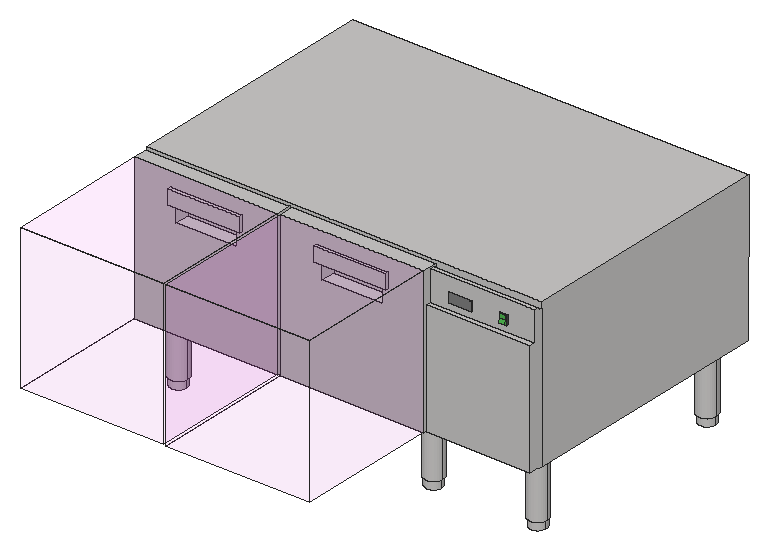
Revit family "QF_ELECTROLUXPROFESSIONAL_391603_E9TTAPCOMIN", category Specialty Equipment, Revit 2021
Family settings
  Round Connector Dimension = Use Diameter
  Part Type = Normal
  Work Plane-Based = No
  Always vertical = Yes
  Cut with Voids When Loaded = No
  Shared = No
  Room Calculation Point = No
Parameters (values of type "Standard")
  Weight = 114.00 kg
  Watts = 4000 W
  Volts = 220 V
  URL Manufacturer = "http://professional.electrolux.com"
  URL = "http://professional.electrolux.com"
  Steam Supply Size = 0 mm
  Steam Supply Minimum Pressure = 0.0 Pa
  Steam Supply Maximum Pressure = 0.0 Pa
  Steam Pounds per Hour = 0
  Refrigeration Suction Line Size = 0 mm
  Refrigeration Liquid Line Size = 0 mm
  Refrigerant Compressor Remote = yes
  Default Elevation = 0 mm
  Manufacturer = "Electrolux Professional"
  Phase = 1
  Model = "E9TTAPCOMIN"
  Length Actual = 1200 mm  # constant formula
  Item Number = "391603"
  Hot Water Size = 0 mm
  Height Actual = 600 mm  # constant formula
  HP = "0.5 HP"
  Gas Size = 0 mm
  Gas KW = 0
  Gas Input Pressure = 0 W
  Description = "REFRIGERATED BASE WITH 2 DRAWERS 1200MM-60HZ - R290"
  Depth Actual = 830 mm  # constant formula
  Cycle = 60 Hz
  Condensate Return Size = 0 mm
  Compressed Air Volume = 0.0 L/s
  Compressed Air Size = 0 mm
  Compressed Air Pressure = 0.0 Pa
  Cold Water Size = 0 mm
  Accessory = yes
Reference planes
  plane 1 "Center X": y = 0
  plane 2: z = 0
  plane 3 "Centro (Sinistra/Destra)": x = 0
  plane 4: z = 200
  plane 5 "TOP": z = 650
  plane 6 "BACK": y = 450
  plane 7 "FRONT": y = -450
  plane 8 "LEFT": x = -600
  plane 9 "RIGHT": x = 600
  plane 10: y = -403
  plane 11: y = -448
  plane 12: x = -545
  plane 13: x = 545
  plane 14: x = 229
  plane 15: y = 292
  plane 16: y = -350
  plane 17: x = 286
  plane 18: x = -599
  plane 19: x = 599
  plane 20: y = 290
  plane 21: x = 560
  plane 22: y = 380
Forms (mm)
  Extrusion 1, solid, material "QF_Finishes_Stainless Steel"
    sketch origin (0, 0, 650) x (-1, 0, 0) y (0, -1, 0)
      loop
        line (599, -380) -> (599, 403) -> (-599, 403) -> (-599, -380) -> (599, -380)
    from -450 to 0
  Extrusion 2, solid, material "QF_Finishes_Stainless Steel"
    sketch origin (196, -342.999, 0) x (-1, 0, 0) y (0, 0, 1)
      loop
        line (795, 201.587) -> (795, 640.994) -> (360.999, 640.994) -> (360.999, 201.587) -> (795, 201.587)
      loop
        line (671.3, 506.706) -> (671.3, 585) -> (484.699, 585) -> (484.699, 506.706) -> (671.3, 506.706)
    from -105.001 to -60.001
  Extrusion 3, solid, material "QF_Door-Drawer Clearances"
    sketch origin (196, -448, 0) x (1, 0, 0) y (0, 0, 1)
      loop
        line (-795, 640.994) -> (-795, 201.587) -> (-360.999, 201.587) -> (-360.999, 640.994) -> (-795, 640.994)
    from 0 to 434
  Extrusion 4, solid, material "QF_Finishes_Stainless Steel"
    sketch origin (599, 66.551, 0) x (0, 1, 0) y (0, 0, 1)
      loop
        line (-469.551, 629.527) -> (-486.314, 640.994) -> (-497.65, 640.994) -> (-497.65, 549.796) -> (-514.551, 549.796) -> (-514.551, 204.796) -> (-484.714, 204.796) -> (-474.993, 200) -> (-469.551, 200) -> (-469.551, 629.527)
    from 0 to -313
  Extrusion 5, solid, material "QF_Finishes_Black"
    sketch origin (583, -431.099, 630.994) x (0, 0, -1) y (1, 0, 0)
      loop
        line (32.198, -86.899) -> (61.199, -86.899) -> (61.199, -64.9) -> (32.198, -64.9) -> (32.198, -86.899)
    from 0 to 1.6
  Extrusion 6, solid, material "QF_Finishes_Grey"
    sketch origin (589, -431.099, 630.994) x (0, 0, -1) y (1, 0, 0)
      loop
        line (32.198, -248.099) -> (61.199, -248.099) -> (61.199, -178.099) -> (32.198, -178.099) -> (32.198, -248.099)
    from 0 to 1.6
  Extrusion 7, solid, material "QF_Finishes_Green"
    sketch origin (518.1, -431.099, 598.796) x (0, 0, -1) y (0, 1, 0)
      loop
        line (2.279, -3.281) -> (14.5, -3.281) -> (25.308, -8.985)
        arc (25.308, -8.985) -> (26.537, -5.394) -> (26.605, -1.6) r 12.221
        line (26.605, -1.6) -> (2.395, -1.6)
        arc (2.395, -1.6) -> (2.308, -2.439) -> (2.279, -3.281) r 12.221
    from -20 to -2
  Extrusion 8, solid, material "QF_Door-Drawer Clearances"
    sketch origin (638.501, -342.999, 0) x (1, 0, 0) y (0, 0, 1)
      loop
        line (-795, 640.994) -> (-795, 201.587) -> (-360.999, 201.587) -> (-360.999, 640.994) -> (-795, 640.994)
    from 105.001 to 539.001
  Extrusion 9, solid, material "QF_Finishes_Stainless Steel"
    sketch origin (196, -448, 0) x (1, 0, 0) y (0, 0, 1)
      loop
        line (-686.3, 598.969) -> (-686.3, 553.969) -> (-469.699, 553.969) -> (-469.699, 598.969) -> (-686.3, 598.969)
    from 0 to 10
  Extrusion 10, solid, material "QF_Finishes_Stainless Steel"
    sketch origin (638.501, -342.999, 0) x (-1, 0, 0) y (0, 0, 1)
      loop
        line (795, 201.587) -> (795, 640.994) -> (360.999, 640.994) -> (360.999, 201.587) -> (795, 201.587)
      loop
        line (671.3, 506.706) -> (671.3, 585) -> (484.699, 585) -> (484.699, 506.706) -> (671.3, 506.706)
    from -105.001 to -60.001
  Extrusion 11, solid, material "QF_Finishes_Stainless Steel"
    sketch origin (638.501, -448, 0) x (1, 0, 0) y (0, 0, 1)
      loop
        line (-686.3, 598.969) -> (-686.3, 553.969) -> (-469.699, 553.969) -> (-469.699, 598.969) -> (-686.3, 598.969)
    from 0 to 10
  Extrusion 12, solid, material "QF_Finishes_Stainless Steel"
    sketch origin (0, -30, 0) x (1, 0, 0) y (0, 1, 0)
      loop
        circle (560, 290) r 6
    from 189.987 to 200
Lines and regions (mm)
  Split face 1
    outline origin (589, -432.699, 630.994) x (0, 0, -1) y (1, 0, 0)
      loop
        line (37.198, -238.099) -> (52.198, -238.099) -> (52.198, -188.099) -> (37.198, -188.099) -> (37.198, -238.099)
  Split face 2
    outline origin (589, -432.699, 630.994) x (0, 0, -1) y (1, 0, 0)
      loop
        circle (44.698, -185.099) r 1.2
  Split face 3
    outline origin (589, -432.699, 630.994) x (0, 0, -1) y (1, 0, 0)
      loop
        circle (39.698, -185.099) r 1.2
  Split face 4
    outline origin (589, -432.699, 630.994) x (0, 0, -1) y (1, 0, 0)
      loop
        circle (49.698, -185.099) r 1.2
  Split face 5
    outline origin (589, -432.699, 630.994) x (0, 0, -1) y (1, 0, 0)
      loop
        circle (39.698, -241.099) r 1.2
  Split face 6
    outline origin (589, -432.699, 630.994) x (0, 0, -1) y (1, 0, 0)
      loop
        circle (44.698, -241.099) r 1.2
  Split face 7
    outline origin (589, -432.699, 630.994) x (0, 0, -1) y (1, 0, 0)
      loop
        circle (49.698, -241.099) r 1.2
  Split face 8
    outline origin (589, -432.699, 630.994) x (0, 0, -1) y (1, 0, 0)
      loop
        line (59.151, -238.099) -> (59.151, -227.099) -> (54.151, -227.099) -> (54.151, -238.099) -> (59.151, -238.099)
  Split face 9
    outline origin (589, -432.699, 630.994) x (0, 0, -1) y (1, 0, 0)
      loop
        line (54.151, -225.099) -> (59.151, -225.099) -> (59.151, -214.099) -> (54.151, -214.099) -> (54.151, -225.099)
  Split face 10
    outline origin (602, -432.699, 630.994) x (0, 0, -1) y (1, 0, 0)
      loop
        line (54.151, -225.099) -> (59.151, -225.099) -> (59.151, -214.099) -> (54.151, -214.099) -> (54.151, -225.099)
  Split face 11
    outline origin (615, -432.699, 630.994) x (0, 0, -1) y (1, 0, 0)
      loop
        line (54.151, -225.099) -> (59.151, -225.099) -> (59.151, -214.099) -> (54.151, -214.099) -> (54.151, -225.099)
  Split face 12
    outline origin (601.5, -448, 549.796) x (0, 0, -1) y (1, 0, 0)
      loop
        arc (52.48, -282.599) -> (56.5, -278.61) -> (52.5, -274.599) r 4
        line (52.5, -274.599) -> (20.5, -274.599)
        arc (20.5, -274.599) -> (16.5, -278.61) -> (20.521, -282.599) r 4
        line (20.521, -282.599) -> (52.48, -282.599)
  Split face 13
    outline origin (613.5, -448, 549.796) x (0, 0, -1) y (1, 0, 0)
      loop
        arc (52.48, -282.599) -> (56.5, -278.61) -> (52.5, -274.599) r 4
        line (52.5, -274.599) -> (20.5, -274.599)
        arc (20.5, -274.599) -> (16.5, -278.61) -> (20.521, -282.599) r 4
        line (20.521, -282.599) -> (52.48, -282.599)
  Split face 14
    outline origin (625.5, -448, 549.796) x (0, 0, -1) y (1, 0, 0)
      loop
        arc (52.48, -282.599) -> (56.5, -278.61) -> (52.5, -274.599) r 4
        line (52.5, -274.599) -> (20.5, -274.599)
        arc (20.5, -274.599) -> (16.5, -278.61) -> (20.521, -282.599) r 4
        line (20.521, -282.599) -> (52.48, -282.599)
  Split face 15
    outline origin (637.397, -448, 549.796) x (0, 0, -1) y (1, 0, 0)
      loop
        arc (52.48, -282.599) -> (56.5, -278.61) -> (52.5, -274.599) r 4
        line (52.5, -274.599) -> (20.5, -274.599)
        arc (20.5, -274.599) -> (16.5, -278.61) -> (20.521, -282.599) r 4
        line (20.521, -282.599) -> (52.48, -282.599)
  Split face 16
    outline origin (649.396, -448, 549.796) x (0, 0, -1) y (1, 0, 0)
      loop
        arc (52.48, -282.599) -> (56.5, -278.61) -> (52.5, -274.599) r 4
        line (52.5, -274.599) -> (20.5, -274.599)
        arc (20.5, -274.599) -> (16.5, -278.61) -> (20.521, -282.599) r 4
        line (20.521, -282.599) -> (52.48, -282.599)
  Split face 17
    outline origin (661.396, -448, 549.796) x (0, 0, -1) y (1, 0, 0)
      loop
        arc (52.48, -282.599) -> (56.5, -278.61) -> (52.5, -274.599) r 4
        line (52.5, -274.599) -> (20.5, -274.599)
        arc (20.5, -274.599) -> (16.5, -278.61) -> (20.521, -282.599) r 4
        line (20.521, -282.599) -> (52.48, -282.599)
  Split face 18
    outline origin (673.396, -448, 549.796) x (0, 0, -1) y (1, 0, 0)
      loop
        arc (52.48, -282.599) -> (56.5, -278.61) -> (52.5, -274.599) r 4
        line (52.5, -274.599) -> (20.5, -274.599)
        arc (20.5, -274.599) -> (16.5, -278.61) -> (20.521, -282.599) r 4
        line (20.521, -282.599) -> (52.48, -282.599)
  Split face 19
    outline origin (685.397, -448, 549.796) x (0, 0, -1) y (1, 0, 0)
      loop
        arc (52.48, -282.599) -> (56.5, -278.61) -> (52.5, -274.599) r 4
        line (52.5, -274.599) -> (20.5, -274.599)
        arc (20.5, -274.599) -> (16.5, -278.61) -> (20.521, -282.599) r 4
        line (20.521, -282.599) -> (52.48, -282.599)
  Split face 20
    outline origin (697.396, -448, 549.796) x (0, 0, -1) y (1, 0, 0)
      loop
        arc (52.48, -282.599) -> (56.5, -278.61) -> (52.5, -274.599) r 4
        line (52.5, -274.599) -> (20.5, -274.599)
        arc (20.5, -274.599) -> (16.5, -278.61) -> (20.521, -282.599) r 4
        line (20.521, -282.599) -> (52.48, -282.599)
  Split face 21
    outline origin (704.396, -448, 549.796) x (0, 0, -1) y (1, 0, 0)
      loop
        arc (52.48, -242.399) -> (56.5, -238.41) -> (52.5, -234.4) r 4
        line (52.5, -234.4) -> (20.5, -234.4)
        arc (20.5, -234.4) -> (16.5, -238.41) -> (20.521, -242.399) r 4
        line (20.521, -242.399) -> (52.48, -242.399)
  Split face 22
    outline origin (716.396, -448, 549.796) x (0, 0, -1) y (1, 0, 0)
      loop
        arc (52.48, -242.399) -> (56.5, -238.41) -> (52.5, -234.4) r 4
        line (52.5, -234.4) -> (20.5, -234.4)
        arc (20.5, -234.4) -> (16.5, -238.41) -> (20.521, -242.399) r 4
        line (20.521, -242.399) -> (52.48, -242.399)
  Split face 23
    outline origin (728.396, -448, 549.796) x (0, 0, -1) y (1, 0, 0)
      loop
        arc (52.48, -242.399) -> (56.5, -238.41) -> (52.5, -234.4) r 4
        line (52.5, -234.4) -> (20.5, -234.4)
        arc (20.5, -234.4) -> (16.5, -238.41) -> (20.521, -242.399) r 4
        line (20.521, -242.399) -> (52.48, -242.399)
  Split face 24
    outline origin (740.396, -448, 549.796) x (0, 0, -1) y (1, 0, 0)
      loop
        arc (52.48, -242.399) -> (56.5, -238.41) -> (52.5, -234.4) r 4
        line (52.5, -234.4) -> (20.5, -234.4)
        arc (20.5, -234.4) -> (16.5, -238.41) -> (20.521, -242.399) r 4
        line (20.521, -242.399) -> (52.48, -242.399)
  Split face 25
    outline origin (752.396, -448, 549.796) x (0, 0, -1) y (1, 0, 0)
      loop
        arc (52.48, -242.399) -> (56.5, -238.41) -> (52.5, -234.4) r 4
        line (52.5, -234.4) -> (20.5, -234.4)
        arc (20.5, -234.4) -> (16.5, -238.41) -> (20.521, -242.399) r 4
        line (20.521, -242.399) -> (52.48, -242.399)
  Split face 26
    outline origin (764.396, -448, 549.796) x (0, 0, -1) y (1, 0, 0)
      loop
        arc (52.48, -242.399) -> (56.5, -238.41) -> (52.5, -234.4) r 4
        line (52.5, -234.4) -> (20.5, -234.4)
        arc (20.5, -234.4) -> (16.5, -238.41) -> (20.521, -242.399) r 4
        line (20.521, -242.399) -> (52.48, -242.399)
  Split face 27
    outline origin (776.396, -448, 549.796) x (0, 0, -1) y (1, 0, 0)
      loop
        arc (52.48, -242.399) -> (56.5, -238.41) -> (52.5, -234.4) r 4
        line (52.5, -234.4) -> (20.5, -234.4)
        arc (20.5, -234.4) -> (16.5, -238.41) -> (20.521, -242.399) r 4
        line (20.521, -242.399) -> (52.48, -242.399)
  Split face 28
    outline origin (788.396, -448, 549.796) x (0, 0, -1) y (1, 0, 0)
      loop
        arc (52.48, -242.399) -> (56.5, -238.41) -> (52.5, -234.4) r 4
        line (52.5, -234.4) -> (20.5, -234.4)
        arc (20.5, -234.4) -> (16.5, -238.41) -> (20.521, -242.399) r 4
        line (20.521, -242.399) -> (52.48, -242.399)
  Split face 29
    outline origin (800.396, -448, 549.796) x (0, 0, -1) y (1, 0, 0)
      loop
        arc (52.48, -242.399) -> (56.5, -238.41) -> (52.5, -234.4) r 4
        line (52.5, -234.4) -> (20.5, -234.4)
        arc (20.5, -234.4) -> (16.5, -238.41) -> (20.521, -242.399) r 4
        line (20.521, -242.399) -> (52.48, -242.399)
  Split face 30
    outline origin (812.396, -448, 549.796) x (0, 0, -1) y (1, 0, 0)
      loop
        arc (52.48, -242.399) -> (56.5, -238.41) -> (52.5, -234.4) r 4
        line (52.5, -234.4) -> (20.5, -234.4)
        arc (20.5, -234.4) -> (16.5, -238.41) -> (20.521, -242.399) r 4
        line (20.521, -242.399) -> (52.48, -242.399)
  Split face 31
    outline origin (589.5, -448, 549.796) x (0, 0, -1) y (1, 0, 0)
      loop
        arc (52.48, -282.599) -> (56.5, -278.61) -> (52.5, -274.599) r 4
        line (52.5, -274.599) -> (20.5, -274.599)
        arc (20.5, -274.599) -> (16.5, -278.61) -> (20.521, -282.599) r 4
        line (20.521, -282.599) -> (52.48, -282.599)
  Split face 32
    outline origin (601.5, -448, 504.794) x (0, 0, -1) y (1, 0, 0)
      loop
        arc (52.48, -282.599) -> (56.5, -278.61) -> (52.5, -274.599) r 4
        line (52.5, -274.599) -> (20.5, -274.599)
        arc (20.5, -274.599) -> (16.5, -278.61) -> (20.521, -282.599) r 4
        line (20.521, -282.599) -> (52.48, -282.599)
  Split face 33
    outline origin (613.5, -448, 504.794) x (0, 0, -1) y (1, 0, 0)
      loop
        arc (52.48, -282.599) -> (56.5, -278.61) -> (52.5, -274.599) r 4
        line (52.5, -274.599) -> (20.5, -274.599)
        arc (20.5, -274.599) -> (16.5, -278.61) -> (20.521, -282.599) r 4
        line (20.521, -282.599) -> (52.48, -282.599)
  Split face 34
    outline origin (625.5, -448, 504.794) x (0, 0, -1) y (1, 0, 0)
      loop
        arc (52.48, -282.599) -> (56.5, -278.61) -> (52.5, -274.599) r 4
        line (52.5, -274.599) -> (20.5, -274.599)
        arc (20.5, -274.599) -> (16.5, -278.61) -> (20.521, -282.599) r 4
        line (20.521, -282.599) -> (52.48, -282.599)
  Split face 35
    outline origin (637.397, -448, 504.794) x (0, 0, -1) y (1, 0, 0)
      loop
        arc (52.48, -282.599) -> (56.5, -278.61) -> (52.5, -274.599) r 4
        line (52.5, -274.599) -> (20.5, -274.599)
        arc (20.5, -274.599) -> (16.5, -278.61) -> (20.521, -282.599) r 4
        line (20.521, -282.599) -> (52.48, -282.599)
  Split face 36
    outline origin (649.396, -448, 504.794) x (0, 0, -1) y (1, 0, 0)
      loop
        arc (52.48, -282.599) -> (56.5, -278.61) -> (52.5, -274.599) r 4
        line (52.5, -274.599) -> (20.5, -274.599)
        arc (20.5, -274.599) -> (16.5, -278.61) -> (20.521, -282.599) r 4
        line (20.521, -282.599) -> (52.48, -282.599)
  Split face 37
    outline origin (661.396, -448, 504.794) x (0, 0, -1) y (1, 0, 0)
      loop
        arc (52.48, -282.599) -> (56.5, -278.61) -> (52.5, -274.599) r 4
        line (52.5, -274.599) -> (20.5, -274.599)
        arc (20.5, -274.599) -> (16.5, -278.61) -> (20.521, -282.599) r 4
        line (20.521, -282.599) -> (52.48, -282.599)
  Split face 38
    outline origin (673.396, -448, 504.794) x (0, 0, -1) y (1, 0, 0)
      loop
        arc (52.48, -282.599) -> (56.5, -278.61) -> (52.5, -274.599) r 4
        line (52.5, -274.599) -> (20.5, -274.599)
        arc (20.5, -274.599) -> (16.5, -278.61) -> (20.521, -282.599) r 4
        line (20.521, -282.599) -> (52.48, -282.599)
  Split face 39
    outline origin (685.397, -448, 504.794) x (0, 0, -1) y (1, 0, 0)
      loop
        arc (52.48, -282.599) -> (56.5, -278.61) -> (52.5, -274.599) r 4
        line (52.5, -274.599) -> (20.5, -274.599)
        arc (20.5, -274.599) -> (16.5, -278.61) -> (20.521, -282.599) r 4
        line (20.521, -282.599) -> (52.48, -282.599)
  Split face 40
    outline origin (697.396, -448, 504.794) x (0, 0, -1) y (1, 0, 0)
      loop
        arc (52.48, -282.599) -> (56.5, -278.61) -> (52.5, -274.599) r 4
        line (52.5, -274.599) -> (20.5, -274.599)
        arc (20.5, -274.599) -> (16.5, -278.61) -> (20.521, -282.599) r 4
        line (20.521, -282.599) -> (52.48, -282.599)
  Split face 41
    outline origin (704.396, -448, 504.794) x (0, 0, -1) y (1, 0, 0)
      loop
        arc (52.48, -242.399) -> (56.5, -238.41) -> (52.5, -234.4) r 4
        line (52.5, -234.4) -> (20.5, -234.4)
        arc (20.5, -234.4) -> (16.5, -238.41) -> (20.521, -242.399) r 4
        line (20.521, -242.399) -> (52.48, -242.399)
  Split face 42
    outline origin (716.396, -448, 504.794) x (0, 0, -1) y (1, 0, 0)
      loop
        arc (52.48, -242.399) -> (56.5, -238.41) -> (52.5, -234.4) r 4
        line (52.5, -234.4) -> (20.5, -234.4)
        arc (20.5, -234.4) -> (16.5, -238.41) -> (20.521, -242.399) r 4
        line (20.521, -242.399) -> (52.48, -242.399)
  Split face 43
    outline origin (728.396, -448, 504.794) x (0, 0, -1) y (1, 0, 0)
      loop
        arc (52.48, -242.399) -> (56.5, -238.41) -> (52.5, -234.4) r 4
        line (52.5, -234.4) -> (20.5, -234.4)
        arc (20.5, -234.4) -> (16.5, -238.41) -> (20.521, -242.399) r 4
        line (20.521, -242.399) -> (52.48, -242.399)
  Split face 44
    outline origin (740.396, -448, 504.794) x (0, 0, -1) y (1, 0, 0)
      loop
        arc (52.48, -242.399) -> (56.5, -238.41) -> (52.5, -234.4) r 4
        line (52.5, -234.4) -> (20.5, -234.4)
        arc (20.5, -234.4) -> (16.5, -238.41) -> (20.521, -242.399) r 4
        line (20.521, -242.399) -> (52.48, -242.399)
  Split face 45
    outline origin (752.396, -448, 504.794) x (0, 0, -1) y (1, 0, 0)
      loop
        arc (52.48, -242.399) -> (56.5, -238.41) -> (52.5, -234.4) r 4
        line (52.5, -234.4) -> (20.5, -234.4)
        arc (20.5, -234.4) -> (16.5, -238.41) -> (20.521, -242.399) r 4
        line (20.521, -242.399) -> (52.48, -242.399)
  Split face 46
    outline origin (764.396, -448, 504.794) x (0, 0, -1) y (1, 0, 0)
      loop
        arc (52.48, -242.399) -> (56.5, -238.41) -> (52.5, -234.4) r 4
        line (52.5, -234.4) -> (20.5, -234.4)
        arc (20.5, -234.4) -> (16.5, -238.41) -> (20.521, -242.399) r 4
        line (20.521, -242.399) -> (52.48, -242.399)
  Split face 47
    outline origin (776.396, -448, 504.794) x (0, 0, -1) y (1, 0, 0)
      loop
        arc (52.48, -242.399) -> (56.5, -238.41) -> (52.5, -234.4) r 4
        line (52.5, -234.4) -> (20.5, -234.4)
        arc (20.5, -234.4) -> (16.5, -238.41) -> (20.521, -242.399) r 4
        line (20.521, -242.399) -> (52.48, -242.399)
  Split face 48
    outline origin (788.396, -448, 504.794) x (0, 0, -1) y (1, 0, 0)
      loop
        arc (52.48, -242.399) -> (56.5, -238.41) -> (52.5, -234.4) r 4
        line (52.5, -234.4) -> (20.5, -234.4)
        arc (20.5, -234.4) -> (16.5, -238.41) -> (20.521, -242.399) r 4
        line (20.521, -242.399) -> (52.48, -242.399)
  Split face 49
    outline origin (800.396, -448, 504.794) x (0, 0, -1) y (1, 0, 0)
      loop
        arc (52.48, -242.399) -> (56.5, -238.41) -> (52.5, -234.4) r 4
        line (52.5, -234.4) -> (20.5, -234.4)
        arc (20.5, -234.4) -> (16.5, -238.41) -> (20.521, -242.399) r 4
        line (20.521, -242.399) -> (52.48, -242.399)
  Split face 50
    outline origin (812.396, -448, 504.794) x (0, 0, -1) y (1, 0, 0)
      loop
        arc (52.48, -242.399) -> (56.5, -238.41) -> (52.5, -234.4) r 4
        line (52.5, -234.4) -> (20.5, -234.4)
        arc (20.5, -234.4) -> (16.5, -238.41) -> (20.521, -242.399) r 4
        line (20.521, -242.399) -> (52.48, -242.399)
  Split face 51
    outline origin (589.5, -448, 504.794) x (0, 0, -1) y (1, 0, 0)
      loop
        arc (52.48, -282.599) -> (56.5, -278.61) -> (52.5, -274.599) r 4
        line (52.5, -274.599) -> (20.5, -274.599)
        arc (20.5, -274.599) -> (16.5, -278.61) -> (20.521, -282.599) r 4
        line (20.521, -282.599) -> (52.48, -282.599)
  Split face 52
    outline origin (601.5, -448, 459.794) x (0, 0, -1) y (1, 0, 0)
      loop
        arc (52.48, -282.599) -> (56.5, -278.61) -> (52.5, -274.599) r 4
        line (52.5, -274.599) -> (20.5, -274.599)
        arc (20.5, -274.599) -> (16.5, -278.61) -> (20.521, -282.599) r 4
        line (20.521, -282.599) -> (52.48, -282.599)
  Split face 53
    outline origin (613.5, -448, 459.794) x (0, 0, -1) y (1, 0, 0)
      loop
        arc (52.48, -282.599) -> (56.5, -278.61) -> (52.5, -274.599) r 4
        line (52.5, -274.599) -> (20.5, -274.599)
        arc (20.5, -274.599) -> (16.5, -278.61) -> (20.521, -282.599) r 4
        line (20.521, -282.599) -> (52.48, -282.599)
  Split face 54
    outline origin (625.5, -448, 459.794) x (0, 0, -1) y (1, 0, 0)
      loop
        arc (52.48, -282.599) -> (56.5, -278.61) -> (52.5, -274.599) r 4
        line (52.5, -274.599) -> (20.5, -274.599)
        arc (20.5, -274.599) -> (16.5, -278.61) -> (20.521, -282.599) r 4
        line (20.521, -282.599) -> (52.48, -282.599)
  Split face 55
    outline origin (637.397, -448, 459.794) x (0, 0, -1) y (1, 0, 0)
      loop
        arc (52.48, -282.599) -> (56.5, -278.61) -> (52.5, -274.599) r 4
        line (52.5, -274.599) -> (20.5, -274.599)
        arc (20.5, -274.599) -> (16.5, -278.61) -> (20.521, -282.599) r 4
        line (20.521, -282.599) -> (52.48, -282.599)
  Split face 56
    outline origin (649.396, -448, 459.794) x (0, 0, -1) y (1, 0, 0)
      loop
        arc (52.48, -282.599) -> (56.5, -278.61) -> (52.5, -274.599) r 4
        line (52.5, -274.599) -> (20.5, -274.599)
        arc (20.5, -274.599) -> (16.5, -278.61) -> (20.521, -282.599) r 4
        line (20.521, -282.599) -> (52.48, -282.599)
  Split face 57
    outline origin (661.396, -448, 459.794) x (0, 0, -1) y (1, 0, 0)
      loop
        arc (52.48, -282.599) -> (56.5, -278.61) -> (52.5, -274.599) r 4
        line (52.5, -274.599) -> (20.5, -274.599)
        arc (20.5, -274.599) -> (16.5, -278.61) -> (20.521, -282.599) r 4
        line (20.521, -282.599) -> (52.48, -282.599)
  Split face 58
    outline origin (673.396, -448, 459.794) x (0, 0, -1) y (1, 0, 0)
      loop
        arc (52.48, -282.599) -> (56.5, -278.61) -> (52.5, -274.599) r 4
        line (52.5, -274.599) -> (20.5, -274.599)
        arc (20.5, -274.599) -> (16.5, -278.61) -> (20.521, -282.599) r 4
        line (20.521, -282.599) -> (52.48, -282.599)
  Split face 59
    outline origin (685.397, -448, 459.794) x (0, 0, -1) y (1, 0, 0)
      loop
        arc (52.48, -282.599) -> (56.5, -278.61) -> (52.5, -274.599) r 4
        line (52.5, -274.599) -> (20.5, -274.599)
        arc (20.5, -274.599) -> (16.5, -278.61) -> (20.521, -282.599) r 4
        line (20.521, -282.599) -> (52.48, -282.599)
  Split face 60
    outline origin (697.396, -448, 459.794) x (0, 0, -1) y (1, 0, 0)
      loop
        arc (52.48, -282.599) -> (56.5, -278.61) -> (52.5, -274.599) r 4
        line (52.5, -274.599) -> (20.5, -274.599)
        arc (20.5, -274.599) -> (16.5, -278.61) -> (20.521, -282.599) r 4
        line (20.521, -282.599) -> (52.48, -282.599)
  Split face 61
    outline origin (704.396, -448, 459.794) x (0, 0, -1) y (1, 0, 0)
      loop
        arc (52.48, -242.399) -> (56.5, -238.41) -> (52.5, -234.4) r 4
        line (52.5, -234.4) -> (20.5, -234.4)
        arc (20.5, -234.4) -> (16.5, -238.41) -> (20.521, -242.399) r 4
        line (20.521, -242.399) -> (52.48, -242.399)
  Split face 62
    outline origin (716.396, -448, 459.794) x (0, 0, -1) y (1, 0, 0)
      loop
        arc (52.48, -242.399) -> (56.5, -238.41) -> (52.5, -234.4) r 4
        line (52.5, -234.4) -> (20.5, -234.4)
        arc (20.5, -234.4) -> (16.5, -238.41) -> (20.521, -242.399) r 4
        line (20.521, -242.399) -> (52.48, -242.399)
  Split face 63
    outline origin (728.396, -448, 459.794) x (0, 0, -1) y (1, 0, 0)
      loop
        arc (52.48, -242.399) -> (56.5, -238.41) -> (52.5, -234.4) r 4
        line (52.5, -234.4) -> (20.5, -234.4)
        arc (20.5, -234.4) -> (16.5, -238.41) -> (20.521, -242.399) r 4
        line (20.521, -242.399) -> (52.48, -242.399)
  Split face 64
    outline origin (740.396, -448, 459.794) x (0, 0, -1) y (1, 0, 0)
      loop
        arc (52.48, -242.399) -> (56.5, -238.41) -> (52.5, -234.4) r 4
        line (52.5, -234.4) -> (20.5, -234.4)
        arc (20.5, -234.4) -> (16.5, -238.41) -> (20.521, -242.399) r 4
        line (20.521, -242.399) -> (52.48, -242.399)
  Split face 65
    outline origin (752.396, -448, 459.794) x (0, 0, -1) y (1, 0, 0)
      loop
        arc (52.48, -242.399) -> (56.5, -238.41) -> (52.5, -234.4) r 4
        line (52.5, -234.4) -> (20.5, -234.4)
        arc (20.5, -234.4) -> (16.5, -238.41) -> (20.521, -242.399) r 4
        line (20.521, -242.399) -> (52.48, -242.399)
  Split face 66
    outline origin (764.396, -448, 459.794) x (0, 0, -1) y (1, 0, 0)
      loop
        arc (52.48, -242.399) -> (56.5, -238.41) -> (52.5, -234.4) r 4
        line (52.5, -234.4) -> (20.5, -234.4)
        arc (20.5, -234.4) -> (16.5, -238.41) -> (20.521, -242.399) r 4
        line (20.521, -242.399) -> (52.48, -242.399)
  Split face 67
    outline origin (776.396, -448, 459.794) x (0, 0, -1) y (1, 0, 0)
      loop
        arc (52.48, -242.399) -> (56.5, -238.41) -> (52.5, -234.4) r 4
        line (52.5, -234.4) -> (20.5, -234.4)
        arc (20.5, -234.4) -> (16.5, -238.41) -> (20.521, -242.399) r 4
        line (20.521, -242.399) -> (52.48, -242.399)
  Split face 68
    outline origin (788.396, -448, 459.794) x (0, 0, -1) y (1, 0, 0)
      loop
        arc (52.48, -242.399) -> (56.5, -238.41) -> (52.5, -234.4) r 4
        line (52.5, -234.4) -> (20.5, -234.4)
        arc (20.5, -234.4) -> (16.5, -238.41) -> (20.521, -242.399) r 4
        line (20.521, -242.399) -> (52.48, -242.399)
  Split face 69
    outline origin (800.396, -448, 459.794) x (0, 0, -1) y (1, 0, 0)
      loop
        arc (52.48, -242.399) -> (56.5, -238.41) -> (52.5, -234.4) r 4
        line (52.5, -234.4) -> (20.5, -234.4)
        arc (20.5, -234.4) -> (16.5, -238.41) -> (20.521, -242.399) r 4
        line (20.521, -242.399) -> (52.48, -242.399)
  Split face 70
    outline origin (812.396, -448, 459.794) x (0, 0, -1) y (1, 0, 0)
      loop
        arc (52.48, -242.399) -> (56.5, -238.41) -> (52.5, -234.4) r 4
        line (52.5, -234.4) -> (20.5, -234.4)
        arc (20.5, -234.4) -> (16.5, -238.41) -> (20.521, -242.399) r 4
        line (20.521, -242.399) -> (52.48, -242.399)
  Split face 71
    outline origin (589.5, -448, 459.794) x (0, 0, -1) y (1, 0, 0)
      loop
        arc (52.48, -282.599) -> (56.5, -278.61) -> (52.5, -274.599) r 4
        line (52.5, -274.599) -> (20.5, -274.599)
        arc (20.5, -274.599) -> (16.5, -278.61) -> (20.521, -282.599) r 4
        line (20.521, -282.599) -> (52.48, -282.599)
  Split face 72
    outline origin (601.5, -448, 414.794) x (0, 0, -1) y (1, 0, 0)
      loop
        arc (52.48, -282.599) -> (56.5, -278.61) -> (52.5, -274.599) r 4
        line (52.5, -274.599) -> (20.5, -274.599)
        arc (20.5, -274.599) -> (16.5, -278.61) -> (20.521, -282.599) r 4
        line (20.521, -282.599) -> (52.48, -282.599)
  Split face 73
    outline origin (613.5, -448, 414.794) x (0, 0, -1) y (1, 0, 0)
      loop
        arc (52.48, -282.599) -> (56.5, -278.61) -> (52.5, -274.599) r 4
        line (52.5, -274.599) -> (20.5, -274.599)
        arc (20.5, -274.599) -> (16.5, -278.61) -> (20.521, -282.599) r 4
        line (20.521, -282.599) -> (52.48, -282.599)
  Split face 74
    outline origin (625.5, -448, 414.794) x (0, 0, -1) y (1, 0, 0)
      loop
        arc (52.48, -282.599) -> (56.5, -278.61) -> (52.5, -274.599) r 4
        line (52.5, -274.599) -> (20.5, -274.599)
        arc (20.5, -274.599) -> (16.5, -278.61) -> (20.521, -282.599) r 4
        line (20.521, -282.599) -> (52.48, -282.599)
  Split face 75
    outline origin (637.397, -448, 414.794) x (0, 0, -1) y (1, 0, 0)
      loop
        arc (52.48, -282.599) -> (56.5, -278.61) -> (52.5, -274.599) r 4
        line (52.5, -274.599) -> (20.5, -274.599)
        arc (20.5, -274.599) -> (16.5, -278.61) -> (20.521, -282.599) r 4
        line (20.521, -282.599) -> (52.48, -282.599)
  Split face 76
    outline origin (649.396, -448, 414.794) x (0, 0, -1) y (1, 0, 0)
      loop
        arc (52.48, -282.599) -> (56.5, -278.61) -> (52.5, -274.599) r 4
        line (52.5, -274.599) -> (20.5, -274.599)
        arc (20.5, -274.599) -> (16.5, -278.61) -> (20.521, -282.599) r 4
        line (20.521, -282.599) -> (52.48, -282.599)
  Split face 77
    outline origin (661.396, -448, 414.794) x (0, 0, -1) y (1, 0, 0)
      loop
        arc (52.48, -282.599) -> (56.5, -278.61) -> (52.5, -274.599) r 4
        line (52.5, -274.599) -> (20.5, -274.599)
        arc (20.5, -274.599) -> (16.5, -278.61) -> (20.521, -282.599) r 4
        line (20.521, -282.599) -> (52.48, -282.599)
  Split face 78
    outline origin (673.396, -448, 414.794) x (0, 0, -1) y (1, 0, 0)
      loop
        arc (52.48, -282.599) -> (56.5, -278.61) -> (52.5, -274.599) r 4
        line (52.5, -274.599) -> (20.5, -274.599)
        arc (20.5, -274.599) -> (16.5, -278.61) -> (20.521, -282.599) r 4
        line (20.521, -282.599) -> (52.48, -282.599)
  Split face 79
    outline origin (685.397, -448, 414.794) x (0, 0, -1) y (1, 0, 0)
      loop
        arc (52.48, -282.599) -> (56.5, -278.61) -> (52.5, -274.599) r 4
        line (52.5, -274.599) -> (20.5, -274.599)
        arc (20.5, -274.599) -> (16.5, -278.61) -> (20.521, -282.599) r 4
        line (20.521, -282.599) -> (52.48, -282.599)
  Split face 80
    outline origin (697.396, -448, 414.794) x (0, 0, -1) y (1, 0, 0)
      loop
        arc (52.48, -282.599) -> (56.5, -278.61) -> (52.5, -274.599) r 4
        line (52.5, -274.599) -> (20.5, -274.599)
        arc (20.5, -274.599) -> (16.5, -278.61) -> (20.521, -282.599) r 4
        line (20.521, -282.599) -> (52.48, -282.599)
  Split face 81
    outline origin (704.396, -448, 414.794) x (0, 0, -1) y (1, 0, 0)
      loop
        arc (52.48, -242.399) -> (56.5, -238.41) -> (52.5, -234.4) r 4
        line (52.5, -234.4) -> (20.5, -234.4)
        arc (20.5, -234.4) -> (16.5, -238.41) -> (20.521, -242.399) r 4
        line (20.521, -242.399) -> (52.48, -242.399)
  Split face 82
    outline origin (716.396, -448, 414.794) x (0, 0, -1) y (1, 0, 0)
      loop
        arc (52.48, -242.399) -> (56.5, -238.41) -> (52.5, -234.4) r 4
        line (52.5, -234.4) -> (20.5, -234.4)
        arc (20.5, -234.4) -> (16.5, -238.41) -> (20.521, -242.399) r 4
        line (20.521, -242.399) -> (52.48, -242.399)
  Split face 83
    outline origin (728.396, -448, 414.794) x (0, 0, -1) y (1, 0, 0)
      loop
        arc (52.48, -242.399) -> (56.5, -238.41) -> (52.5, -234.4) r 4
        line (52.5, -234.4) -> (20.5, -234.4)
        arc (20.5, -234.4) -> (16.5, -238.41) -> (20.521, -242.399) r 4
        line (20.521, -242.399) -> (52.48, -242.399)
  Split face 84
    outline origin (740.396, -448, 414.794) x (0, 0, -1) y (1, 0, 0)
      loop
        arc (52.48, -242.399) -> (56.5, -238.41) -> (52.5, -234.4) r 4
        line (52.5, -234.4) -> (20.5, -234.4)
        arc (20.5, -234.4) -> (16.5, -238.41) -> (20.521, -242.399) r 4
        line (20.521, -242.399) -> (52.48, -242.399)
  Split face 85
    outline origin (752.396, -448, 414.794) x (0, 0, -1) y (1, 0, 0)
      loop
        arc (52.48, -242.399) -> (56.5, -238.41) -> (52.5, -234.4) r 4
        line (52.5, -234.4) -> (20.5, -234.4)
        arc (20.5, -234.4) -> (16.5, -238.41) -> (20.521, -242.399) r 4
        line (20.521, -242.399) -> (52.48, -242.399)
  Split face 86
    outline origin (764.396, -448, 414.794) x (0, 0, -1) y (1, 0, 0)
      loop
        arc (52.48, -242.399) -> (56.5, -238.41) -> (52.5, -234.4) r 4
        line (52.5, -234.4) -> (20.5, -234.4)
        arc (20.5, -234.4) -> (16.5, -238.41) -> (20.521, -242.399) r 4
        line (20.521, -242.399) -> (52.48, -242.399)
  Split face 87
    outline origin (776.396, -448, 414.794) x (0, 0, -1) y (1, 0, 0)
      loop
        arc (52.48, -242.399) -> (56.5, -238.41) -> (52.5, -234.4) r 4
        line (52.5, -234.4) -> (20.5, -234.4)
        arc (20.5, -234.4) -> (16.5, -238.41) -> (20.521, -242.399) r 4
        line (20.521, -242.399) -> (52.48, -242.399)
  Split face 88
    outline origin (788.396, -448, 414.794) x (0, 0, -1) y (1, 0, 0)
      loop
        arc (52.48, -242.399) -> (56.5, -238.41) -> (52.5, -234.4) r 4
        line (52.5, -234.4) -> (20.5, -234.4)
        arc (20.5, -234.4) -> (16.5, -238.41) -> (20.521, -242.399) r 4
        line (20.521, -242.399) -> (52.48, -242.399)
  Split face 89
    outline origin (800.396, -448, 414.794) x (0, 0, -1) y (1, 0, 0)
      loop
        arc (52.48, -242.399) -> (56.5, -238.41) -> (52.5, -234.4) r 4
        line (52.5, -234.4) -> (20.5, -234.4)
        arc (20.5, -234.4) -> (16.5, -238.41) -> (20.521, -242.399) r 4
        line (20.521, -242.399) -> (52.48, -242.399)
  Split face 90
    outline origin (812.396, -448, 414.794) x (0, 0, -1) y (1, 0, 0)
      loop
        arc (52.48, -242.399) -> (56.5, -238.41) -> (52.5, -234.4) r 4
        line (52.5, -234.4) -> (20.5, -234.4)
        arc (20.5, -234.4) -> (16.5, -238.41) -> (20.521, -242.399) r 4
        line (20.521, -242.399) -> (52.48, -242.399)
  Split face 91
    outline origin (589.5, -448, 414.794) x (0, 0, -1) y (1, 0, 0)
      loop
        arc (52.48, -282.599) -> (56.5, -278.61) -> (52.5, -274.599) r 4
        line (52.5, -274.599) -> (20.5, -274.599)
        arc (20.5, -274.599) -> (16.5, -278.61) -> (20.521, -282.599) r 4
        line (20.521, -282.599) -> (52.48, -282.599)
  Split face 92
    outline origin (601.5, -448, 369.794) x (0, 0, -1) y (1, 0, 0)
      loop
        arc (52.48, -282.599) -> (56.5, -278.61) -> (52.5, -274.599) r 4
        line (52.5, -274.599) -> (20.5, -274.599)
        arc (20.5, -274.599) -> (16.5, -278.61) -> (20.521, -282.599) r 4
        line (20.521, -282.599) -> (52.48, -282.599)
  Split face 93
    outline origin (613.5, -448, 369.794) x (0, 0, -1) y (1, 0, 0)
      loop
        arc (52.48, -282.599) -> (56.5, -278.61) -> (52.5, -274.599) r 4
        line (52.5, -274.599) -> (20.5, -274.599)
        arc (20.5, -274.599) -> (16.5, -278.61) -> (20.521, -282.599) r 4
        line (20.521, -282.599) -> (52.48, -282.599)
  Split face 94
    outline origin (625.5, -448, 369.794) x (0, 0, -1) y (1, 0, 0)
      loop
        arc (52.48, -282.599) -> (56.5, -278.61) -> (52.5, -274.599) r 4
        line (52.5, -274.599) -> (20.5, -274.599)
        arc (20.5, -274.599) -> (16.5, -278.61) -> (20.521, -282.599) r 4
        line (20.521, -282.599) -> (52.48, -282.599)
  Split face 95
    outline origin (637.397, -448, 369.794) x (0, 0, -1) y (1, 0, 0)
      loop
        arc (52.48, -282.599) -> (56.5, -278.61) -> (52.5, -274.599) r 4
        line (52.5, -274.599) -> (20.5, -274.599)
        arc (20.5, -274.599) -> (16.5, -278.61) -> (20.521, -282.599) r 4
        line (20.521, -282.599) -> (52.48, -282.599)
  Split face 96
    outline origin (649.396, -448, 369.794) x (0, 0, -1) y (1, 0, 0)
      loop
        arc (52.48, -282.599) -> (56.5, -278.61) -> (52.5, -274.599) r 4
        line (52.5, -274.599) -> (20.5, -274.599)
        arc (20.5, -274.599) -> (16.5, -278.61) -> (20.521, -282.599) r 4
        line (20.521, -282.599) -> (52.48, -282.599)
  Split face 97
    outline origin (661.396, -448, 369.794) x (0, 0, -1) y (1, 0, 0)
      loop
        arc (52.48, -282.599) -> (56.5, -278.61) -> (52.5, -274.599) r 4
        line (52.5, -274.599) -> (20.5, -274.599)
        arc (20.5, -274.599) -> (16.5, -278.61) -> (20.521, -282.599) r 4
        line (20.521, -282.599) -> (52.48, -282.599)
  Split face 98
    outline origin (673.396, -448, 369.794) x (0, 0, -1) y (1, 0, 0)
      loop
        arc (52.48, -282.599) -> (56.5, -278.61) -> (52.5, -274.599) r 4
        line (52.5, -274.599) -> (20.5, -274.599)
        arc (20.5, -274.599) -> (16.5, -278.61) -> (20.521, -282.599) r 4
        line (20.521, -282.599) -> (52.48, -282.599)
  Split face 99
    outline origin (685.397, -448, 369.794) x (0, 0, -1) y (1, 0, 0)
      loop
        arc (52.48, -282.599) -> (56.5, -278.61) -> (52.5, -274.599) r 4
        line (52.5, -274.599) -> (20.5, -274.599)
        arc (20.5, -274.599) -> (16.5, -278.61) -> (20.521, -282.599) r 4
        line (20.521, -282.599) -> (52.48, -282.599)
  Split face 100
    outline origin (697.396, -448, 369.794) x (0, 0, -1) y (1, 0, 0)
      loop
        arc (52.48, -282.599) -> (56.5, -278.61) -> (52.5, -274.599) r 4
        line (52.5, -274.599) -> (20.5, -274.599)
        arc (20.5, -274.599) -> (16.5, -278.61) -> (20.521, -282.599) r 4
        line (20.521, -282.599) -> (52.48, -282.599)
  Split face 101
    outline origin (704.396, -448, 369.794) x (0, 0, -1) y (1, 0, 0)
      loop
        arc (52.48, -242.399) -> (56.5, -238.41) -> (52.5, -234.4) r 4
        line (52.5, -234.4) -> (20.5, -234.4)
        arc (20.5, -234.4) -> (16.5, -238.41) -> (20.521, -242.399) r 4
        line (20.521, -242.399) -> (52.48, -242.399)
  Split face 102
    outline origin (716.396, -448, 369.794) x (0, 0, -1) y (1, 0, 0)
      loop
        arc (52.48, -242.399) -> (56.5, -238.41) -> (52.5, -234.4) r 4
        line (52.5, -234.4) -> (20.5, -234.4)
        arc (20.5, -234.4) -> (16.5, -238.41) -> (20.521, -242.399) r 4
        line (20.521, -242.399) -> (52.48, -242.399)
  Split face 103
    outline origin (728.396, -448, 369.794) x (0, 0, -1) y (1, 0, 0)
      loop
        arc (52.48, -242.399) -> (56.5, -238.41) -> (52.5, -234.4) r 4
        line (52.5, -234.4) -> (20.5, -234.4)
        arc (20.5, -234.4) -> (16.5, -238.41) -> (20.521, -242.399) r 4
        line (20.521, -242.399) -> (52.48, -242.399)
  Split face 104
    outline origin (740.396, -448, 369.794) x (0, 0, -1) y (1, 0, 0)
      loop
        arc (52.48, -242.399) -> (56.5, -238.41) -> (52.5, -234.4) r 4
        line (52.5, -234.4) -> (20.5, -234.4)
        arc (20.5, -234.4) -> (16.5, -238.41) -> (20.521, -242.399) r 4
        line (20.521, -242.399) -> (52.48, -242.399)
  Split face 105
    outline origin (752.396, -448, 369.794) x (0, 0, -1) y (1, 0, 0)
      loop
        arc (52.48, -242.399) -> (56.5, -238.41) -> (52.5, -234.4) r 4
        line (52.5, -234.4) -> (20.5, -234.4)
        arc (20.5, -234.4) -> (16.5, -238.41) -> (20.521, -242.399) r 4
        line (20.521, -242.399) -> (52.48, -242.399)
  Split face 106
    outline origin (764.396, -448, 369.794) x (0, 0, -1) y (1, 0, 0)
      loop
        arc (52.48, -242.399) -> (56.5, -238.41) -> (52.5, -234.4) r 4
        line (52.5, -234.4) -> (20.5, -234.4)
        arc (20.5, -234.4) -> (16.5, -238.41) -> (20.521, -242.399) r 4
        line (20.521, -242.399) -> (52.48, -242.399)
  Split face 107
    outline origin (776.396, -448, 369.794) x (0, 0, -1) y (1, 0, 0)
      loop
        arc (52.48, -242.399) -> (56.5, -238.41) -> (52.5, -234.4) r 4
        line (52.5, -234.4) -> (20.5, -234.4)
        arc (20.5, -234.4) -> (16.5, -238.41) -> (20.521, -242.399) r 4
        line (20.521, -242.399) -> (52.48, -242.399)
  Split face 108
    outline origin (788.396, -448, 369.794) x (0, 0, -1) y (1, 0, 0)
      loop
        arc (52.48, -242.399) -> (56.5, -238.41) -> (52.5, -234.4) r 4
        line (52.5, -234.4) -> (20.5, -234.4)
        arc (20.5, -234.4) -> (16.5, -238.41) -> (20.521, -242.399) r 4
        line (20.521, -242.399) -> (52.48, -242.399)
  Split face 109
    outline origin (800.396, -448, 369.794) x (0, 0, -1) y (1, 0, 0)
      loop
        arc (52.48, -242.399) -> (56.5, -238.41) -> (52.5, -234.4) r 4
        line (52.5, -234.4) -> (20.5, -234.4)
        arc (20.5, -234.4) -> (16.5, -238.41) -> (20.521, -242.399) r 4
        line (20.521, -242.399) -> (52.48, -242.399)
  Split face 110
    outline origin (812.396, -448, 369.794) x (0, 0, -1) y (1, 0, 0)
      loop
        arc (52.48, -242.399) -> (56.5, -238.41) -> (52.5, -234.4) r 4
        line (52.5, -234.4) -> (20.5, -234.4)
        arc (20.5, -234.4) -> (16.5, -238.41) -> (20.521, -242.399) r 4
        line (20.521, -242.399) -> (52.48, -242.399)
  Split face 111
    outline origin (589.5, -448, 369.794) x (0, 0, -1) y (1, 0, 0)
      loop
        arc (52.48, -282.599) -> (56.5, -278.61) -> (52.5, -274.599) r 4
        line (52.5, -274.599) -> (20.5, -274.599)
        arc (20.5, -274.599) -> (16.5, -278.61) -> (20.521, -282.599) r 4
        line (20.521, -282.599) -> (52.48, -282.599)
  Split face 112
    outline origin (601.5, -448, 324.794) x (0, 0, -1) y (1, 0, 0)
      loop
        arc (52.48, -282.599) -> (56.5, -278.61) -> (52.5, -274.599) r 4
        line (52.5, -274.599) -> (20.5, -274.599)
        arc (20.5, -274.599) -> (16.5, -278.61) -> (20.521, -282.599) r 4
        line (20.521, -282.599) -> (52.48, -282.599)
  Split face 113
    outline origin (613.5, -448, 324.794) x (0, 0, -1) y (1, 0, 0)
      loop
        arc (52.48, -282.599) -> (56.5, -278.61) -> (52.5, -274.599) r 4
        line (52.5, -274.599) -> (20.5, -274.599)
        arc (20.5, -274.599) -> (16.5, -278.61) -> (20.521, -282.599) r 4
        line (20.521, -282.599) -> (52.48, -282.599)
  Split face 114
    outline origin (625.5, -448, 324.794) x (0, 0, -1) y (1, 0, 0)
      loop
        arc (52.48, -282.599) -> (56.5, -278.61) -> (52.5, -274.599) r 4
        line (52.5, -274.599) -> (20.5, -274.599)
        arc (20.5, -274.599) -> (16.5, -278.61) -> (20.521, -282.599) r 4
        line (20.521, -282.599) -> (52.48, -282.599)
  Split face 115
    outline origin (637.397, -448, 324.794) x (0, 0, -1) y (1, 0, 0)
      loop
        arc (52.48, -282.599) -> (56.5, -278.61) -> (52.5, -274.599) r 4
        line (52.5, -274.599) -> (20.5, -274.599)
        arc (20.5, -274.599) -> (16.5, -278.61) -> (20.521, -282.599) r 4
        line (20.521, -282.599) -> (52.48, -282.599)
  Split face 116
    outline origin (649.396, -448, 324.794) x (0, 0, -1) y (1, 0, 0)
      loop
        arc (52.48, -282.599) -> (56.5, -278.61) -> (52.5, -274.599) r 4
        line (52.5, -274.599) -> (20.5, -274.599)
        arc (20.5, -274.599) -> (16.5, -278.61) -> (20.521, -282.599) r 4
        line (20.521, -282.599) -> (52.48, -282.599)
  Split face 117
    outline origin (661.396, -448, 324.794) x (0, 0, -1) y (1, 0, 0)
      loop
        arc (52.48, -282.599) -> (56.5, -278.61) -> (52.5, -274.599) r 4
        line (52.5, -274.599) -> (20.5, -274.599)
        arc (20.5, -274.599) -> (16.5, -278.61) -> (20.521, -282.599) r 4
        line (20.521, -282.599) -> (52.48, -282.599)
  Split face 118
    outline origin (673.396, -448, 324.794) x (0, 0, -1) y (1, 0, 0)
      loop
        arc (52.48, -282.599) -> (56.5, -278.61) -> (52.5, -274.599) r 4
        line (52.5, -274.599) -> (20.5, -274.599)
        arc (20.5, -274.599) -> (16.5, -278.61) -> (20.521, -282.599) r 4
        line (20.521, -282.599) -> (52.48, -282.599)
  Split face 119
    outline origin (685.397, -448, 324.794) x (0, 0, -1) y (1, 0, 0)
      loop
        arc (52.48, -282.599) -> (56.5, -278.61) -> (52.5, -274.599) r 4
        line (52.5, -274.599) -> (20.5, -274.599)
        arc (20.5, -274.599) -> (16.5, -278.61) -> (20.521, -282.599) r 4
        line (20.521, -282.599) -> (52.48, -282.599)
  Split face 120
    outline origin (697.396, -448, 324.794) x (0, 0, -1) y (1, 0, 0)
      loop
        arc (52.48, -282.599) -> (56.5, -278.61) -> (52.5, -274.599) r 4
        line (52.5, -274.599) -> (20.5, -274.599)
        arc (20.5, -274.599) -> (16.5, -278.61) -> (20.521, -282.599) r 4
        line (20.521, -282.599) -> (52.48, -282.599)
  Split face 121
    outline origin (704.396, -448, 324.794) x (0, 0, -1) y (1, 0, 0)
      loop
        arc (52.48, -242.399) -> (56.5, -238.41) -> (52.5, -234.4) r 4
        line (52.5, -234.4) -> (20.5, -234.4)
        arc (20.5, -234.4) -> (16.5, -238.41) -> (20.521, -242.399) r 4
        line (20.521, -242.399) -> (52.48, -242.399)
  Split face 122
    outline origin (716.396, -448, 324.794) x (0, 0, -1) y (1, 0, 0)
      loop
        arc (52.48, -242.399) -> (56.5, -238.41) -> (52.5, -234.4) r 4
        line (52.5, -234.4) -> (20.5, -234.4)
        arc (20.5, -234.4) -> (16.5, -238.41) -> (20.521, -242.399) r 4
        line (20.521, -242.399) -> (52.48, -242.399)
  Split face 123
    outline origin (728.396, -448, 324.794) x (0, 0, -1) y (1, 0, 0)
      loop
        arc (52.48, -242.399) -> (56.5, -238.41) -> (52.5, -234.4) r 4
        line (52.5, -234.4) -> (20.5, -234.4)
        arc (20.5, -234.4) -> (16.5, -238.41) -> (20.521, -242.399) r 4
        line (20.521, -242.399) -> (52.48, -242.399)
  Split face 124
    outline origin (740.396, -448, 324.794) x (0, 0, -1) y (1, 0, 0)
      loop
        arc (52.48, -242.399) -> (56.5, -238.41) -> (52.5, -234.4) r 4
        line (52.5, -234.4) -> (20.5, -234.4)
        arc (20.5, -234.4) -> (16.5, -238.41) -> (20.521, -242.399) r 4
        line (20.521, -242.399) -> (52.48, -242.399)
  Split face 125
    outline origin (752.396, -448, 324.794) x (0, 0, -1) y (1, 0, 0)
      loop
        arc (52.48, -242.399) -> (56.5, -238.41) -> (52.5, -234.4) r 4
        line (52.5, -234.4) -> (20.5, -234.4)
        arc (20.5, -234.4) -> (16.5, -238.41) -> (20.521, -242.399) r 4
        line (20.521, -242.399) -> (52.48, -242.399)
  Split face 126
    outline origin (764.396, -448, 324.794) x (0, 0, -1) y (1, 0, 0)
      loop
        arc (52.48, -242.399) -> (56.5, -238.41) -> (52.5, -234.4) r 4
        line (52.5, -234.4) -> (20.5, -234.4)
        arc (20.5, -234.4) -> (16.5, -238.41) -> (20.521, -242.399) r 4
        line (20.521, -242.399) -> (52.48, -242.399)
  Split face 127
    outline origin (776.396, -448, 324.794) x (0, 0, -1) y (1, 0, 0)
      loop
        arc (52.48, -242.399) -> (56.5, -238.41) -> (52.5, -234.4) r 4
        line (52.5, -234.4) -> (20.5, -234.4)
        arc (20.5, -234.4) -> (16.5, -238.41) -> (20.521, -242.399) r 4
        line (20.521, -242.399) -> (52.48, -242.399)
  Split face 128
    outline origin (788.396, -448, 324.794) x (0, 0, -1) y (1, 0, 0)
      loop
        arc (52.48, -242.399) -> (56.5, -238.41) -> (52.5, -234.4) r 4
        line (52.5, -234.4) -> (20.5, -234.4)
        arc (20.5, -234.4) -> (16.5, -238.41) -> (20.521, -242.399) r 4
        line (20.521, -242.399) -> (52.48, -242.399)
  Split face 129
    outline origin (800.396, -448, 324.794) x (0, 0, -1) y (1, 0, 0)
      loop
        arc (52.48, -242.399) -> (56.5, -238.41) -> (52.5, -234.4) r 4
        line (52.5, -234.4) -> (20.5, -234.4)
        arc (20.5, -234.4) -> (16.5, -238.41) -> (20.521, -242.399) r 4
        line (20.521, -242.399) -> (52.48, -242.399)
  Split face 130
    outline origin (812.396, -448, 324.794) x (0, 0, -1) y (1, 0, 0)
      loop
        arc (52.48, -242.399) -> (56.5, -238.41) -> (52.5, -234.4) r 4
        line (52.5, -234.4) -> (20.5, -234.4)
        arc (20.5, -234.4) -> (16.5, -238.41) -> (20.521, -242.399) r 4
        line (20.521, -242.399) -> (52.48, -242.399)
  Split face 131
    outline origin (589.5, -448, 324.794) x (0, 0, -1) y (1, 0, 0)
      loop
        arc (52.48, -282.599) -> (56.5, -278.61) -> (52.5, -274.599) r 4
        line (52.5, -274.599) -> (20.5, -274.599)
        arc (20.5, -274.599) -> (16.5, -278.61) -> (20.521, -282.599) r 4
        line (20.521, -282.599) -> (52.48, -282.599)
  Split face 132
    outline origin (601.5, -448, 279.794) x (0, 0, -1) y (1, 0, 0)
      loop
        arc (52.48, -282.599) -> (56.5, -278.61) -> (52.5, -274.599) r 4
        line (52.5, -274.599) -> (20.5, -274.599)
        arc (20.5, -274.599) -> (16.5, -278.61) -> (20.521, -282.599) r 4
        line (20.521, -282.599) -> (52.48, -282.599)
  Split face 133
    outline origin (613.5, -448, 279.794) x (0, 0, -1) y (1, 0, 0)
      loop
        arc (52.48, -282.599) -> (56.5, -278.61) -> (52.5, -274.599) r 4
        line (52.5, -274.599) -> (20.5, -274.599)
        arc (20.5, -274.599) -> (16.5, -278.61) -> (20.521, -282.599) r 4
        line (20.521, -282.599) -> (52.48, -282.599)
  Split face 134
    outline origin (625.5, -448, 279.794) x (0, 0, -1) y (1, 0, 0)
      loop
        arc (52.48, -282.599) -> (56.5, -278.61) -> (52.5, -274.599) r 4
        line (52.5, -274.599) -> (20.5, -274.599)
        arc (20.5, -274.599) -> (16.5, -278.61) -> (20.521, -282.599) r 4
        line (20.521, -282.599) -> (52.48, -282.599)
  Split face 135
    outline origin (637.397, -448, 279.794) x (0, 0, -1) y (1, 0, 0)
      loop
        arc (52.48, -282.599) -> (56.5, -278.61) -> (52.5, -274.599) r 4
        line (52.5, -274.599) -> (20.5, -274.599)
        arc (20.5, -274.599) -> (16.5, -278.61) -> (20.521, -282.599) r 4
        line (20.521, -282.599) -> (52.48, -282.599)
  Split face 136
    outline origin (649.396, -448, 279.794) x (0, 0, -1) y (1, 0, 0)
      loop
        arc (52.48, -282.599) -> (56.5, -278.61) -> (52.5, -274.599) r 4
        line (52.5, -274.599) -> (20.5, -274.599)
        arc (20.5, -274.599) -> (16.5, -278.61) -> (20.521, -282.599) r 4
        line (20.521, -282.599) -> (52.48, -282.599)
  Split face 137
    outline origin (661.396, -448, 279.794) x (0, 0, -1) y (1, 0, 0)
      loop
        arc (52.48, -282.599) -> (56.5, -278.61) -> (52.5, -274.599) r 4
        line (52.5, -274.599) -> (20.5, -274.599)
        arc (20.5, -274.599) -> (16.5, -278.61) -> (20.521, -282.599) r 4
        line (20.521, -282.599) -> (52.48, -282.599)
  Split face 138
    outline origin (673.396, -448, 279.794) x (0, 0, -1) y (1, 0, 0)
      loop
        arc (52.48, -282.599) -> (56.5, -278.61) -> (52.5, -274.599) r 4
        line (52.5, -274.599) -> (20.5, -274.599)
        arc (20.5, -274.599) -> (16.5, -278.61) -> (20.521, -282.599) r 4
        line (20.521, -282.599) -> (52.48, -282.599)
  Split face 139
    outline origin (685.397, -448, 279.794) x (0, 0, -1) y (1, 0, 0)
      loop
        arc (52.48, -282.599) -> (56.5, -278.61) -> (52.5, -274.599) r 4
        line (52.5, -274.599) -> (20.5, -274.599)
        arc (20.5, -274.599) -> (16.5, -278.61) -> (20.521, -282.599) r 4
        line (20.521, -282.599) -> (52.48, -282.599)
  Split face 140
    outline origin (697.396, -448, 279.794) x (0, 0, -1) y (1, 0, 0)
      loop
        arc (52.48, -282.599) -> (56.5, -278.61) -> (52.5, -274.599) r 4
        line (52.5, -274.599) -> (20.5, -274.599)
        arc (20.5, -274.599) -> (16.5, -278.61) -> (20.521, -282.599) r 4
        line (20.521, -282.599) -> (52.48, -282.599)
  Split face 141
    outline origin (704.396, -448, 279.794) x (0, 0, -1) y (1, 0, 0)
      loop
        arc (52.48, -242.399) -> (56.5, -238.41) -> (52.5, -234.4) r 4
        line (52.5, -234.4) -> (20.5, -234.4)
        arc (20.5, -234.4) -> (16.5, -238.41) -> (20.521, -242.399) r 4
        line (20.521, -242.399) -> (52.48, -242.399)
  Split face 142
    outline origin (716.396, -448, 279.794) x (0, 0, -1) y (1, 0, 0)
      loop
        arc (52.48, -242.399) -> (56.5, -238.41) -> (52.5, -234.4) r 4
        line (52.5, -234.4) -> (20.5, -234.4)
        arc (20.5, -234.4) -> (16.5, -238.41) -> (20.521, -242.399) r 4
        line (20.521, -242.399) -> (52.48, -242.399)
  Split face 143
    outline origin (728.396, -448, 279.794) x (0, 0, -1) y (1, 0, 0)
      loop
        arc (52.48, -242.399) -> (56.5, -238.41) -> (52.5, -234.4) r 4
        line (52.5, -234.4) -> (20.5, -234.4)
        arc (20.5, -234.4) -> (16.5, -238.41) -> (20.521, -242.399) r 4
        line (20.521, -242.399) -> (52.48, -242.399)
  Split face 144
    outline origin (740.396, -448, 279.794) x (0, 0, -1) y (1, 0, 0)
      loop
        arc (52.48, -242.399) -> (56.5, -238.41) -> (52.5, -234.4) r 4
        line (52.5, -234.4) -> (20.5, -234.4)
        arc (20.5, -234.4) -> (16.5, -238.41) -> (20.521, -242.399) r 4
        line (20.521, -242.399) -> (52.48, -242.399)
  Split face 145
    outline origin (752.396, -448, 279.794) x (0, 0, -1) y (1, 0, 0)
      loop
        arc (52.48, -242.399) -> (56.5, -238.41) -> (52.5, -234.4) r 4
        line (52.5, -234.4) -> (20.5, -234.4)
        arc (20.5, -234.4) -> (16.5, -238.41) -> (20.521, -242.399) r 4
        line (20.521, -242.399) -> (52.48, -242.399)
  Split face 146
    outline origin (764.396, -448, 279.794) x (0, 0, -1) y (1, 0, 0)
      loop
        arc (52.48, -242.399) -> (56.5, -238.41) -> (52.5, -234.4) r 4
        line (52.5, -234.4) -> (20.5, -234.4)
        arc (20.5, -234.4) -> (16.5, -238.41) -> (20.521, -242.399) r 4
        line (20.521, -242.399) -> (52.48, -242.399)
  Split face 147
    outline origin (776.396, -448, 279.794) x (0, 0, -1) y (1, 0, 0)
      loop
        arc (52.48, -242.399) -> (56.5, -238.41) -> (52.5, -234.4) r 4
        line (52.5, -234.4) -> (20.5, -234.4)
        arc (20.5, -234.4) -> (16.5, -238.41) -> (20.521, -242.399) r 4
        line (20.521, -242.399) -> (52.48, -242.399)
  Split face 148
    outline origin (788.396, -448, 279.794) x (0, 0, -1) y (1, 0, 0)
      loop
        arc (52.48, -242.399) -> (56.5, -238.41) -> (52.5, -234.4) r 4
        line (52.5, -234.4) -> (20.5, -234.4)
        arc (20.5, -234.4) -> (16.5, -238.41) -> (20.521, -242.399) r 4
        line (20.521, -242.399) -> (52.48, -242.399)
  Split face 149
    outline origin (800.396, -448, 279.794) x (0, 0, -1) y (1, 0, 0)
      loop
        arc (52.48, -242.399) -> (56.5, -238.41) -> (52.5, -234.4) r 4
        line (52.5, -234.4) -> (20.5, -234.4)
        arc (20.5, -234.4) -> (16.5, -238.41) -> (20.521, -242.399) r 4
        line (20.521, -242.399) -> (52.48, -242.399)
  Split face 150
    outline origin (812.396, -448, 279.794) x (0, 0, -1) y (1, 0, 0)
      loop
        arc (52.48, -242.399) -> (56.5, -238.41) -> (52.5, -234.4) r 4
        line (52.5, -234.4) -> (20.5, -234.4)
        arc (20.5, -234.4) -> (16.5, -238.41) -> (20.521, -242.399) r 4
        line (20.521, -242.399) -> (52.48, -242.399)
  Split face 151
    outline origin (589.5, -448, 279.794) x (0, 0, -1) y (1, 0, 0)
      loop
        arc (52.48, -282.599) -> (56.5, -278.61) -> (52.5, -274.599) r 4
        line (52.5, -274.599) -> (20.5, -274.599)
        arc (20.5, -274.599) -> (16.5, -278.61) -> (20.521, -282.599) r 4
        line (20.521, -282.599) -> (52.48, -282.599)
  Split face 152
    outline origin (709.396, -448, 549.796) x (0, 0, -1) y (1, 0, 0)
      loop
        arc (52.48, -282.599) -> (56.5, -278.61) -> (52.5, -274.599) r 4
        line (52.5, -274.599) -> (20.5, -274.599)
        arc (20.5, -274.599) -> (16.5, -278.61) -> (20.521, -282.599) r 4
        line (20.521, -282.599) -> (52.48, -282.599)
  Split face 153
    outline origin (721.397, -448, 549.796) x (0, 0, -1) y (1, 0, 0)
      loop
        arc (52.48, -282.599) -> (56.5, -278.61) -> (52.5, -274.599) r 4
        line (52.5, -274.599) -> (20.5, -274.599)
        arc (20.5, -274.599) -> (16.5, -278.61) -> (20.521, -282.599) r 4
        line (20.521, -282.599) -> (52.48, -282.599)
  Split face 154
    outline origin (733.396, -448, 549.796) x (0, 0, -1) y (1, 0, 0)
      loop
        arc (52.48, -282.599) -> (56.5, -278.61) -> (52.5, -274.599) r 4
        line (52.5, -274.599) -> (20.5, -274.599)
        arc (20.5, -274.599) -> (16.5, -278.61) -> (20.521, -282.599) r 4
        line (20.521, -282.599) -> (52.48, -282.599)
  Split face 155
    outline origin (709.396, -448, 504.794) x (0, 0, -1) y (1, 0, 0)
      loop
        arc (52.48, -282.599) -> (56.5, -278.61) -> (52.5, -274.599) r 4
        line (52.5, -274.599) -> (20.5, -274.599)
        arc (20.5, -274.599) -> (16.5, -278.61) -> (20.521, -282.599) r 4
        line (20.521, -282.599) -> (52.48, -282.599)
